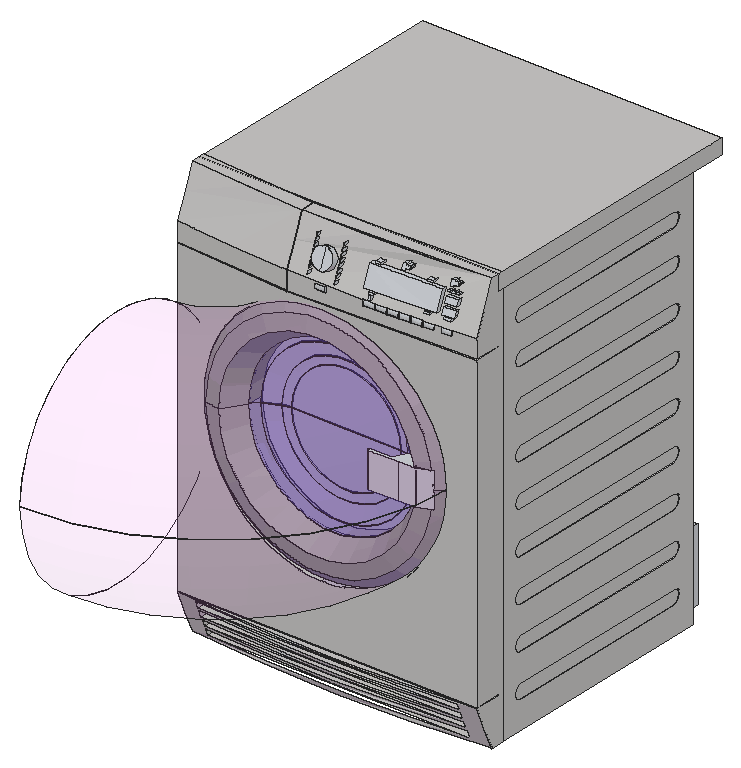
Revit family "QF_ELECTROLUXPROFESSIONAL_1L0A46_TE1120_E", category Attrezzature speciali, Revit 2021
Family settings
  Quota connettore circolare = Usa diametro
  Tipo di parte = Normale
  Basato su piano di lavoro = No
  Sempre verticale = Sì
  Taglio con vuoti quando caricato = No
  Condiviso = No
  Punto di calcolo locali = No
Parameters (values of type "916097681")
  Width = 596.5 mm
  Weight = 44
  Watts = 2800 W
  Volts = 230 V
  URL = "www.electroluxprofessional.com"
  Steam Pounds per Hour = 0
  Sensible Heat Output = "0.0"
  Prospetto di default = 0 mm
  Produttore = "Electrolux Professional"
  Phase = 1
  Modello = "TE1120"
  Length Actual = 596 mm
  Latent Heat Output = "0.0"
  Item Number = "1L0AEF"
  Height Actual = 850 mm
  Height = 850 mm
  Gas KW = 0
  Descrizione = "myPRO SMART PROFESSIONAL TUMBLE DRYER TE1120 8KG CONDENSE 230/50/1N 2,8KW SYMBOLS SCHUKO SST/DARK BLUE"
  Depth Actual = 625 mm
  Depth = 625 mm
  Cycle = 50 Hz
  Corrente [instance] = "12.2"
Types (8, lengths in mm): name | Watts | Volts | Item Number | Descrizione | Cycle | Corrente
  (no name) | 2800 W | 230 V | "1L0AEF" | "myPRO SMART PROFESSIONAL TUMBLE DRYER TE1120 8KG CONDENSE 230/50/1N 2,8KW SYMBOLS SCHUKO SST/DARK BLUE" | 50 Hz | "12.2"
  916097781 | 2200 W | 200 V | "1L0BJF" | "myPRO SMART PROFESSIONAL TUMBLE DRYER TE1120 8KG CONDENSE 200/60/1N 2,8KW JP SST/DARK BLUE" | 60 Hz | "4.78"
  916097782 | 2800 W | 230 V | "1L0BJG" | "myPRO SMART PROFESSIONAL TUMBLE DRYER TE1120 8KG CONDENSE 230/60/1N 2,8KW SYMBOLS SCHUKO SST/DARK BLUE" | 60 Hz | "12.2"
  916097778 | 2800 W | 230 V | "1L0BJC" | "myPRO SMART PROFESSIONAL TUMBLE DRYER TE1120 8KG CONDENSE 230-240/50/1N 2,8KW EN PLUG-AU SST/DARK BLUE" | 50 Hz | "12.2"
  916097621 | 2800 W | 230 V | "1L0AD7" | "myPRO SMART PROFESSIONAL TUMBLE DRYER TE1120 8KG CONDENSE 230/50/1N 2,8KW FR SCHUKO SST/DARK BLUE" | 50 Hz | "12.2"
  916097623 | 2800 W | 230 V | "1L0AD9" | "myPRO SMART PROFESSIONAL TUMBLE DRYER TE1120 8KG CONDENSE 230-240/50/1N 2,8KW EN PLUG-UK SST/DARK BLUE" | 50 Hz | "12.2"
  916097622 | 2800 W | 230 V | "1L0AD8" | "myPRO SMART PROFESSIONAL TUMBLE DRYER TE1120 8KG CONDENSE 230/50/1N 2,8KW DE SCHUKO SST/DARK BLUE" | 50 Hz | "12.2"
  916097681 | 2800 W | 230 V | "1L0AEF" | "myPRO SMART PROFESSIONAL TUMBLE DRYER TE1120 8KG CONDENSE 230/50/1N 2,8KW SYMBOLS SCHUKO SST/DARK BLUE" | 50 Hz | "12.2"
Reference planes
  plane 1 "Center (Front/Back)": y = 0
  plane 2: z = 0
  plane 3 "Center (Left/Right)": x = 0
  plane 4 "LEFT": x = -298.25
  plane 5 "RIGHT": x = 298.25
  plane 6 "BACK": y = 312.5
  plane 7 "FRONT": y = -312.5
  plane 8 "voidPanel": through (0, -279.09, 846.678) normal (0, -0.9308, 0.3656)
Forms (mm)
  Extrusion 1, void
    sketch origin (0, 0, 0) x (1, 0, 0) y (0, 1, 0)
      loop
        line (298.25, -312.5) -> (348.25, -312.5) -> (348.25, -207.1) -> (298.25, -207.1) -> (298.25, -312.5)
    from 0 to 850
  Extrusion 2, void
    sketch origin (0, 0, 0) x (1, 0, 0) y (0, 1, 0)
      loop
        line (-298.25, -312.5) -> (-298.25, -207.1) -> (-348.25, -207.1) -> (-348.25, -312.5) -> (-298.25, -312.5)
    from 0 to 850
  Revolve 3, solid, material "QF_Finishes_Stainless Steel"
    sketch origin (0, 0, 0) x (0, 1, 0) y (0, 0, 1)
      loop
        line (-274.523, 850) -> (-312.5, 758.7) -> (-312.5, 96.5) -> (-275.82, 10.099) -> (-247.797, 10.099) -> (-247.797, 850) -> (-274.523, 850)
      axis (2690.37, 850) -> (2690.37, 10.099)
    angle from -6 to 6
  Extrusion 4, solid, material "QF_Finishes_Stainless Steel"
    sketch origin (0, 0, 0) x (1, 0, 0) y (0, 1, 0)
      loop
        line (-298.25, 242.203) -> (-298.25, -242.62) -> (298.25, -242.62) -> (298.25, 242.203) -> (-298.25, 242.203)
    from 10 to 820
  Extrusion 5, solid, material "QF_Finishes_Stainless Steel"
    sketch origin (0, 0, 820) x (-1, 0, 0) y (0, -1, 0)
      loop
        line (298.25, -312.5) -> (298.25, 242.62)
        arc (298.25, 242.62) -> (0, 256.083) -> (-298.25, 242.62) r 3310.343
        line (-298.25, 242.62) -> (-298.25, -312.5) -> (298.25, -312.5)
    from 0 to 30
  Extrusion 6, void
    sketch origin (0, -312.5, 0) x (0, 0, 1) y (-1, 0, 0)
      loop
        circle (470, 0) r 242.757
    from 0 to -500.517
  Revolve 7, solid, material "QF_Finishes_Gray"
    sketch origin (0, 0, 470) x (-1, 0, 0) y (0, -1, 0)
      loop
        line (245.674, 247.797) -> (245.674, 301.649) -> (226.774, 315.823) -> (196.73, 322.467) -> (170.5, 280.146) -> (170.5, 247.797) -> (245.674, 247.797)
      axis (0, 247.797) -> (0, 322.467)
    angle from 0 to 360
  Revolve 8, solid, material "Glass"
    sketch origin (0, 0, 470) x (-1, 0, 0) y (0, -1, 0)
      loop
        line (156.034, 267.121) -> (125.785, 252.816)
        arc (125.785, 252.816) -> (117.42, 250.476) -> (108.77, 249.687) r 47.824
        line (108.77, 249.687) -> (0, 249.687) -> (0, 247.687) -> (108.77, 247.687)
        arc (108.77, 247.687) -> (117.82, 248.516) -> (126.57, 250.975) r 49.824
        line (126.57, 250.975) -> (156.889, 265.313)
        arc (156.889, 265.313) -> (164.396, 270.082) -> (170.5, 276.551) r 35.892
        line (170.5, 276.551) -> (170.5, 280.146)
        arc (170.5, 280.146) -> (164.222, 272.572) -> (156.034, 267.121) r 33.892
      axis (0, 247.687) -> (0, 280.146)
    angle from 0 to 360
  Extrusion 9, void
    sketch origin (0, 0, 470) x (-1, 0, 0) y (0, -1, 0)
      loop
        line (288.25, -232.203) -> (288.25, 237.797) -> (-288.25, 237.797) -> (-288.25, -232.203) -> (288.25, -232.203)
    from -434.1 to 332.6
  Extrusion 10, solid
    sketch origin (0, 0, 852.516) x (-1, 0, 0) y (0, -1, 0)
      loop
        line (-148.308, 321.998) -> (-106.952, 321.998)
        arc (-106.952, 321.998) -> (-103.946, 325.004) -> (-106.952, 328.01) r 3.006
        line (-106.952, 328.01) -> (-166.755, 328.01)
        arc (-166.755, 328.01) -> (-197.368, 324.932) -> (-226.757, 315.823) r 153.806
        line (-226.757, 315.823) -> (-196.713, 322.467) -> (-170.483, 280.146) -> (-148.308, 321.998)
    from -417.516 to -347.516
  Extrusion 11, void
    sketch origin (0, 0, 0) x (0, 1, 0) y (0, 0, 1)
      loop
        line (-186.583, 738.954) -> (193.417, 738.954)
        arc (193.417, 738.954) -> (208.417, 753.954) -> (193.417, 768.954) r 15
        line (193.417, 768.954) -> (-186.583, 768.954)
        arc (-186.583, 768.954) -> (-201.583, 753.954) -> (-186.583, 738.954) r 15
      loop
        line (-186.583, 659.854) -> (193.417, 659.854)
        arc (193.417, 659.854) -> (208.417, 674.854) -> (193.417, 689.854) r 15
        line (193.417, 689.854) -> (-186.583, 689.854)
        arc (-186.583, 689.854) -> (-201.583, 674.854) -> (-186.583, 659.854) r 15
      loop
        arc (193.417, 574.854) -> (208.417, 589.854) -> (193.417, 604.854) r 15
        line (193.417, 604.854) -> (-186.583, 604.854)
        arc (-186.583, 604.854) -> (-201.583, 589.854) -> (-186.583, 574.854) r 15
        line (-186.583, 574.854) -> (193.417, 574.854)
      loop
        arc (-186.583, 519.854) -> (-201.583, 504.854) -> (-186.583, 489.854) r 15
        line (-186.583, 489.854) -> (193.417, 489.854)
        arc (193.417, 489.854) -> (208.417, 504.854) -> (193.417, 519.854) r 15
        line (193.417, 519.854) -> (-186.583, 519.854)
      loop
        arc (-186.583, 434.854) -> (-201.583, 419.854) -> (-186.583, 404.854) r 15
        line (-186.583, 404.854) -> (193.417, 404.854)
        arc (193.417, 404.854) -> (208.417, 419.854) -> (193.417, 434.854) r 15
        line (193.417, 434.854) -> (-186.583, 434.854)
      loop
        line (-186.583, 319.854) -> (193.417, 319.854)
        arc (193.417, 319.854) -> (208.417, 334.854) -> (193.417, 349.854) r 15
        line (193.417, 349.854) -> (-186.583, 349.854)
        arc (-186.583, 349.854) -> (-201.583, 334.854) -> (-186.583, 319.854) r 15
      loop
        arc (-186.583, 264.854) -> (-201.583, 249.854) -> (-186.583, 234.854) r 15
        line (-186.583, 234.854) -> (193.417, 234.854)
        arc (193.417, 234.854) -> (208.417, 249.854) -> (193.417, 264.854) r 15
        line (193.417, 264.854) -> (-186.583, 264.854)
      loop
        arc (-186.583, 179.854) -> (-201.583, 164.854) -> (-186.583, 149.854) r 15
        line (-186.583, 149.854) -> (193.417, 149.854)
        arc (193.417, 149.854) -> (208.417, 164.854) -> (193.417, 179.854) r 15
        line (193.417, 179.854) -> (-186.583, 179.854)
      loop
        arc (-186.583, 94.854) -> (-201.583, 79.854) -> (-186.583, 64.854) r 15
        line (-186.583, 64.854) -> (193.417, 64.854)
        arc (193.417, 64.854) -> (208.417, 79.854) -> (193.417, 94.854) r 15
        line (193.417, 94.854) -> (-186.583, 94.854)
    from 295 to 298.25
  Extrusion 12, void
    sketch origin (-298.25, 0, 0) x (0, 0, 1) y (0, -1, 0)
      loop
        line (768.954, -193.417) -> (768.954, 186.583)
        arc (768.954, 186.583) -> (753.954, 201.583) -> (738.954, 186.583) r 15
        line (738.954, 186.583) -> (738.954, -193.417)
        arc (738.954, -193.417) -> (753.954, -208.417) -> (768.954, -193.417) r 15
      loop
        arc (659.854, -193.417) -> (674.854, -208.417) -> (689.854, -193.417) r 15
        line (689.854, -193.417) -> (689.854, 186.583)
        arc (689.854, 186.583) -> (674.854, 201.583) -> (659.854, 186.583) r 15
        line (659.854, 186.583) -> (659.854, -193.417)
      loop
        line (604.854, -193.417) -> (604.854, 186.583)
        arc (604.854, 186.583) -> (589.854, 201.583) -> (574.854, 186.583) r 15
        line (574.854, 186.583) -> (574.854, -193.417)
        arc (574.854, -193.417) -> (589.854, -208.417) -> (604.854, -193.417) r 15
      loop
        arc (489.854, -193.417) -> (504.854, -208.417) -> (519.854, -193.417) r 15
        line (519.854, -193.417) -> (519.854, 186.583)
        arc (519.854, 186.583) -> (504.854, 201.583) -> (489.854, 186.583) r 15
        line (489.854, 186.583) -> (489.854, -193.417)
      loop
        line (404.854, 186.583) -> (404.854, -193.417)
        arc (404.854, -193.417) -> (419.854, -208.417) -> (434.854, -193.417) r 15
        line (434.854, -193.417) -> (434.854, 186.583)
        arc (434.854, 186.583) -> (419.854, 201.583) -> (404.854, 186.583) r 15
      loop
        arc (319.854, -193.417) -> (334.854, -208.417) -> (349.854, -193.417) r 15
        line (349.854, -193.417) -> (349.854, 186.583)
        arc (349.854, 186.583) -> (334.854, 201.583) -> (319.854, 186.583) r 15
        line (319.854, 186.583) -> (319.854, -193.417)
      loop
        arc (264.854, 186.583) -> (249.854, 201.583) -> (234.854, 186.583) r 15
        line (234.854, 186.583) -> (234.854, -193.417)
        arc (234.854, -193.417) -> (249.854, -208.417) -> (264.854, -193.417) r 15
        line (264.854, -193.417) -> (264.854, 186.583)
      loop
        arc (149.854, -193.417) -> (164.854, -208.417) -> (179.854, -193.417) r 15
        line (179.854, -193.417) -> (179.854, 186.583)
        arc (179.854, 186.583) -> (164.854, 201.583) -> (149.854, 186.583) r 15
        line (149.854, 186.583) -> (149.854, -193.417)
      loop
        line (94.854, -193.417) -> (94.854, 186.583)
        arc (94.854, 186.583) -> (79.854, 201.583) -> (64.854, 186.583) r 15
        line (64.854, 186.583) -> (64.854, -193.417)
        arc (64.854, -193.417) -> (79.854, -208.417) -> (94.854, -193.417) r 15
    from 0 to 3.25
  Extrusion 13, solid
    sketch origin (0, 0, 0) x (1, 0, 0) y (0, 1, 0)
      loop
        circle (-263.25, 215.1) r 20
    from 2.599 to 10
  Extrusion 14, solid
    sketch origin (0, 0, 0) x (1, 0, 0) y (0, 1, 0)
      loop
        circle (-263.25, 215.1) r 11
    from 0 to 3
  Extrusion 15, solid
    sketch origin (0, 0, 0) x (1, 0, 0) y (0, 1, 0)
      loop
        circle (263.25, 215.1) r 20
    from 3 to 10
  Extrusion 16, solid
    sketch origin (0, 0, 0) x (1, 0, 0) y (0, 1, 0)
      loop
        circle (263.25, 215.1) r 11
    from 0 to 3
  Extrusion 17, solid
    sketch origin (0, 0, 0) x (1, 0, 0) y (0, 1, 0)
      loop
        circle (-263.25, -211.3) r 20
    from 3 to 10
  Extrusion 18, solid
    sketch origin (0, 0, 0) x (1, 0, 0) y (0, 1, 0)
      loop
        circle (-263.25, -211.3) r 11
    from 0 to 3
  Extrusion 19, solid
    sketch origin (0, 0, 0) x (1, 0, 0) y (0, 1, 0)
      loop
        circle (263.25, -211.3) r 20
    from 3 to 10
  Extrusion 20, solid
    sketch origin (0, 0, 0) x (1, 0, 0) y (0, 1, 0)
      loop
        circle (263.25, -211.3) r 11
    from 0 to 3
  Extrusion 21, solid
    sketch origin (66, 242.203, -35.6) x (0, 0, 1) y (1, 0, 0)
      loop
        circle (770.6, 175.06) r 5
    from 0 to 10
  Revolve 22, solid
    sketch origin (0, 0, 0) x (0, 1, 0) y (0, 0, 1)
      loop
        line (-291.663, 811.912) -> (-293.12, 812.457) -> (-291.348, 817.196) -> (-301.951, 821.16) -> (-309.078, 802.099) -> (-297.096, 797.379) -> (-291.663, 811.912)
      axis (-309.408, 802.229) -> (-297.096, 797.379)
    angle from 0 to 360
  Revolve 23, void
    sketch origin (-230.316, 19.843, 0) x (-0.085839, -0.996309, 0) y (0, 0, 1)
      loop
        arc (300.921, 759.87) -> (305.932, 740.04) -> (319.761, 724.969) r 41.748
        line (319.761, 724.969) -> (319.761, 759.87) -> (300.921, 759.87)
      axis (-2683.13, 759.87) -> (-2683.13, 724.969)
    angle from 0 to 2.65
  Extrusion 24, void
    sketch origin (0, -312.5, 0) x (0, 0, 1) y (-1, 0, 0)
      loop
        line (756.024, 11.1) -> (744.024, 11.1) -> (744.024, -11.9) -> (756.024, -11.9) -> (756.024, 11.1)
    from -2 to 2
  Extrusion 25, void
    sketch origin (0, -312.5, 0) x (0, 0, 1) y (-1, 0, 0)
      loop
        line (747.324, -82.491) -> (747.324, -105.291) -> (759.324, -105.291) -> (759.324, -82.491) -> (747.324, -82.491)
    from -4.2 to 3
  Extrusion 26, void
    sketch origin (0, -312.5, 0) x (0, 0, 1) y (-1, 0, 0)
      loop
        line (747.324, -105.691) -> (747.324, -128.291) -> (759.324, -128.291) -> (759.324, -105.691) -> (747.324, -105.691)
    from -5 to 3
  Extrusion 27, void
    sketch origin (0, -312.5, 0) x (0, 0, 1) y (-1, 0, 0)
      loop
        line (747.324, -128.691) -> (747.324, -151.291) -> (759.324, -151.291) -> (759.324, -128.691) -> (747.324, -128.691)
    from -6 to 3
  Extrusion 28, void
    sketch origin (0, -312.5, 0) x (0, 0, 1) y (-1, 0, 0)
      loop
        line (747.324, -151.691) -> (747.324, -174.291) -> (759.324, -174.291) -> (759.324, -151.691) -> (747.324, -151.691)
    from -7 to 3
  Extrusion 29, void
    sketch origin (0, -312.5, 0) x (0, 0, 1) y (-1, 0, 0)
      loop
        line (759.324, -174.691) -> (747.324, -174.691) -> (747.324, -197.291) -> (759.324, -197.291) -> (759.324, -174.691)
    from -8 to 3
  Extrusion 30, void
    sketch origin (0, -312.5, 0) x (0, 0, 1) y (-1, 0, 0)
      loop
        line (759.324, -197.691) -> (747.324, -197.691) -> (747.324, -220.291) -> (759.324, -220.291) -> (759.324, -197.691)
    from -10 to 3
  Extrusion 31, void
    sketch origin (0, -312.5, 0) x (0, 0, 1) y (-1, 0, 0)
      loop
        line (759.324, -231.191) -> (747.324, -231.191) -> (747.324, -253.791) -> (759.324, -253.791) -> (759.324, -231.191)
    from -12 to 3
  Revolve 32, solid
    sketch origin (0, 0, 3.3) x (0, 1, 0) y (0, 0, 1)
      loop
        arc (-313.722, 755.444) -> (-316.107, 750.198) -> (-315.269, 744.497) r 10.199
        line (-315.269, 744.497) -> (-311.5, 744.497) -> (-311.5, 755.444) -> (-313.722, 755.444)
      axis (2690.37, 755.444) -> (2690.37, 744.497)
    angle from -0.2 to 0.2
  Revolve 33, solid
    sketch origin (225.331, 18.987, 3.3) x (-0.083967, 0.996469, 0) y (0, 0, 1)
      loop
        line (-322.415, 744.497) -> (-318.664, 744.497) -> (-318.664, 755.444) -> (-320.867, 755.444)
        arc (-320.867, 755.444) -> (-323.262, 750.2) -> (-322.415, 744.497) r 10.15
      axis (2683.559, 755.444) -> (2683.559, 744.497)
    angle from 0.39 to 0
  Revolve 34, solid
    sketch origin (175.309, 11.964, 2.773) x (-0.065247, 0.997869, 0) y (0, 0, 1)
      loop
        arc (-316.803, 755.966) -> (-319.198, 750.722) -> (-318.35, 745.019) r 10.15
        line (-318.35, 745.019) -> (-314.581, 745.019) -> (-314.581, 755.966) -> (-316.803, 755.966)
      axis (2687.331, 755.966) -> (2687.331, 745.019)
    angle from 0 to 0.39
  Revolve 35, solid
    sketch origin (154.929, 8.943, 3.3) x (0.057625, -0.998338, 0) y (0, 0, 1)
      loop
        line (314.383, 755.444) -> (312.161, 755.444) -> (312.161, 744.497) -> (315.93, 744.497)
        arc (315.93, 744.497) -> (316.778, 750.2) -> (314.383, 755.444) r 10.15
      axis (-2688.595, 755.444) -> (-2688.595, 744.497)
    angle from 0 to -0.39
  Revolve 36, solid
    sketch origin (114.028, 4.837, 3.3) x (-0.042379, 0.999102, 0) y (0, 0, 1)
      loop
        arc (-312.044, 755.444) -> (-314.439, 750.2) -> (-313.591, 744.497) r 10.15
        line (-313.591, 744.497) -> (-309.822, 744.497) -> (-309.822, 755.444) -> (-312.044, 755.444)
      axis (2690.65, 755.444) -> (2690.65, 744.497)
    angle from 0 to 0.39
  Revolve 37, solid
    sketch origin (93.547, 3.253, 3.3) x (0.034757, -0.999396, 0) y (0, 0, 1)
      loop
        line (310.993, 755.444) -> (308.772, 755.444) -> (308.772, 744.497) -> (312.541, 744.497)
        arc (312.541, 744.497) -> (313.388, 750.2) -> (310.993, 755.444) r 10.15
      axis (-2691.442, 755.444) -> (-2691.442, 744.497)
    angle from 0 to -0.39
  Revolve 38, solid
    sketch origin (195.713, 14.299, 3.236) x (-0.072866, 0.997342, 0) y (0, 0, 1)
      loop
        line (-314.873, 744.555) -> (-314.873, 755.526) -> (-317.167, 755.526)
        arc (-317.167, 755.526) -> (-319.568, 750.27) -> (-318.708, 744.555) r 10.141
        line (-318.708, 744.555) -> (-314.873, 744.555)
      axis (2685.911, 755.526) -> (2685.911, 744.555)
    angle from 0 to 0.39
  Revolve 39, solid
    sketch origin (134.491, 6.733, 3.3) x (-0.050002, 0.998749, 0) y (0, 0, 1)
      loop
        line (-314.545, 744.497) -> (-310.794, 744.497) -> (-310.794, 755.444) -> (-312.997, 755.444)
        arc (-312.997, 755.444) -> (-315.392, 750.2) -> (-314.545, 744.497) r 10.15
      axis (2689.701, 755.444) -> (2689.701, 744.497)
    angle from 0 to 0.39
  Extrusion 40, void
    sketch origin (-298.25, 0, 0) x (0, 0, 1) y (0, -1, 0)
      loop
        line (850, 243.476) -> (850, 327.13) -> (718.7, 327.13) -> (718.7, 243.476) -> (850, 243.476)
    from 229 to 231.5
  Extrusion 41, void
    sketch origin (298.25, 0, 0) x (0, 0, 1) y (0, -1, 0)
      loop
        line (722, 242.62) -> (722, 333.453) -> (719.5, 333.453) -> (719.5, 242.62) -> (722, 242.62)
    from -600 to 3
  Extrusion 42, void
    sketch origin (298.25, 0, 0) x (0, 0, 1) y (0, -1, 0)
      loop
        line (96.5, 322.797) -> (96.5, 242.62) -> (99, 242.62) -> (99, 322.797) -> (96.5, 322.797)
    from -600 to 3
  Extrusion 43, solid
    sketch origin (0, -312.5, 0) x (0, 0, 1) y (-1, 0, 0)
      loop
        line (830.108, -26.248) -> (825.608, -26.248) -> (825.608, -27.748) -> (830.108, -27.748) -> (830.108, -26.248)
      loop
        line (821.758, -26.248) -> (817.258, -26.248) -> (817.258, -27.748) -> (821.758, -27.748) -> (821.758, -26.248)
      loop
        line (813.408, -26.248) -> (808.908, -26.248) -> (808.908, -27.748) -> (813.408, -27.748) -> (813.408, -26.248)
      loop
        line (805.058, -26.248) -> (800.558, -26.248) -> (800.558, -27.748) -> (805.058, -27.748) -> (805.058, -26.248)
      loop
        line (792.208, -26.248) -> (792.208, -27.748) -> (796.7, -27.748) -> (796.7, -26.248) -> (792.208, -26.248)
      loop
        line (783.858, -26.248) -> (783.858, -27.748) -> (788.358, -27.748) -> (788.358, -26.248) -> (783.858, -26.248)
      loop
        line (775.508, -26.248) -> (775.508, -27.748) -> (780.008, -27.748) -> (780.008, -26.248) -> (775.508, -26.248)
      loop
        line (767.158, -26.248) -> (767.158, -27.748) -> (771.658, -27.748) -> (771.658, -26.248) -> (767.158, -26.248)
      loop
        line (825.608, 27.752) -> (825.608, 26.252) -> (830.108, 26.252) -> (830.108, 27.752) -> (825.608, 27.752)
      loop
        line (817.258, 27.752) -> (817.258, 26.252) -> (821.758, 26.252) -> (821.758, 27.752) -> (817.258, 27.752)
      loop
        line (808.908, 27.752) -> (808.908, 26.252) -> (813.408, 26.252) -> (813.408, 27.752) -> (808.908, 27.752)
      loop
        line (800.558, 27.752) -> (800.558, 26.252) -> (805.058, 26.252) -> (805.058, 27.752) -> (800.558, 27.752)
      loop
        line (792.208, 27.752) -> (792.208, 26.252) -> (796.7, 26.252) -> (796.7, 27.752) -> (792.208, 27.752)
      loop
        line (783.858, 27.752) -> (783.858, 26.252) -> (788.358, 26.252) -> (788.358, 27.752) -> (783.858, 27.752)
      loop
        line (775.508, 27.752) -> (775.508, 26.252) -> (780.008, 26.252) -> (780.008, 27.752) -> (775.508, 27.752)
      loop
        line (767.158, 27.752) -> (767.158, 26.252) -> (771.658, 26.252) -> (771.658, 27.752) -> (767.158, 27.752)
      loop
        line (819.143, -91.989) -> (819.143, -101.989) -> (822.143, -101.989) -> (822.143, -91.989) -> (819.143, -91.989)
      loop
        line (772.15, -91.989) -> (772.15, -101.989) -> (775.15, -101.989) -> (775.15, -91.989) -> (772.15, -91.989)
      loop
        line (762.775, -93.928) -> (762.775, -97.928) -> (769.475, -97.928) -> (769.475, -93.928) -> (762.775, -93.928)
      loop
        line (819.143, -191.861) -> (819.143, -201.861) -> (822.143, -201.861) -> (822.143, -191.861) -> (819.143, -191.861)
      loop
        line (772.15, -198.861) -> (772.15, -208.861) -> (775.15, -208.861) -> (775.15, -198.861) -> (772.15, -198.861)
      loop
        line (814.446, -230.991) -> (814.446, -237.491) -> (816.946, -237.491) -> (816.946, -230.991) -> (814.446, -230.991)
      loop
        line (816.946, -239.241) -> (814.446, -239.241) -> (814.446, -245.741) -> (816.946, -245.741) -> (816.946, -239.241)
      loop
        line (816.946, -247.491) -> (814.446, -247.491) -> (814.446, -253.991) -> (816.946, -253.991) -> (816.946, -247.491)
      loop
        line (808.046, -230.991) -> (796.046, -230.991) -> (796.046, -253.991) -> (808.046, -253.991) -> (808.046, -230.991)
      loop
        line (791.046, -230.991) -> (779.046, -230.991) -> (779.046, -253.991) -> (791.046, -253.991) -> (791.046, -230.991)
      loop
        line (773.046, -235.991) -> (773.046, -248.991) -> (776.546, -248.991) -> (776.546, -235.991) -> (773.046, -235.991)
      loop
        line (815.845, -81.665) -> (778.345, -81.665) -> (778.345, -221.665) -> (815.845, -221.665) -> (815.845, -81.665)
      loop
        line (823.434, -141.668) -> (823.434, -148.168) -> (825.186, -148.168)
        arc (825.186, -148.168) -> (825.862, -148.43) -> (826.186, -149.079) r 1.004
        line (826.186, -149.079) -> (826.761, -155.285)
        arc (826.761, -155.285) -> (827.085, -155.934) -> (827.761, -156.196) r 1.004
        line (827.761, -156.196) -> (830.526, -156.196)
        arc (830.526, -156.196) -> (831.202, -155.934) -> (831.526, -155.285) r 1.004
        line (831.526, -155.285) -> (832.101, -149.079)
        arc (832.101, -149.079) -> (832.559, -148.326) -> (833.434, -148.224) r 1.004
        line (833.434, -148.224) -> (833.434, -141.668) -> (823.434, -141.668)
      loop
        line (823.434, -233.563) -> (823.434, -240.063) -> (825.186, -240.063)
        arc (825.186, -240.063) -> (825.862, -240.325) -> (826.186, -240.974) r 1.004
        line (826.186, -240.974) -> (826.761, -247.18)
        arc (826.761, -247.18) -> (827.085, -247.829) -> (827.761, -248.091) r 1.004
        line (827.761, -248.091) -> (830.526, -248.091)
        arc (830.526, -248.091) -> (831.202, -247.829) -> (831.526, -247.18) r 1.004
        line (831.526, -247.18) -> (832.101, -240.974)
        arc (832.101, -240.974) -> (832.559, -240.222) -> (833.434, -240.12) r 1.004
        line (833.434, -240.12) -> (833.434, -233.563) -> (823.434, -233.563)
    from -45.246 to 6
  Revolve 44, void
    sketch origin (0, 0, 0) x (0, 1, 0) y (0, 0, 1)
      loop
        line (-316.301, 758.952) -> (-278.984, 853.952) -> (-329.707, 853.952) -> (-329.707, 758.952) -> (-316.301, 758.952)
      axis (2690.37, 853.952) -> (2690.37, 758.952)
    angle from 1 to -6
  Revolve 45, void
    sketch origin (0, 0, 0) x (0, 1, 0) y (0, 0, 1)
      loop
        line (-273.427, 839.015) -> (-303.994, 761.2) -> (-262.303, 761.2) -> (-262.303, 839.015) -> (-273.427, 839.015)
      axis (2690.37, 839.015) -> (2690.37, 761.2)
    angle from 1 to -5
  Revolve 46, solid, material "QF_Door-Drawer Clearances"
    sketch origin (0, -271.25, 0) x (-1, 0, 0) y (0, 0, 1)
      loop
        circle (-1.368, 470) r 244.125
      axis (242.774, 470) -> (242.774, 469)
    angle from 0 to 90
  Extrusion 47, void
    sketch origin (0, -312.5, 0) x (0, 0, 1) y (-1, 0, 0)
      loop
        line (94, 260.75) -> (80, 260.75) -> (80, -261.25) -> (94, -261.25) -> (94, 260.75)
      loop
        line (74, 260.75) -> (60, 260.75) -> (60, -261.25) -> (74, -261.25) -> (74, 260.75)
      loop
        line (54, 260.75) -> (40, 260.75) -> (40, -261.25) -> (54, -261.25) -> (54, 260.75)
      loop
        line (34, 260.75) -> (20, 260.75) -> (20, -261.25) -> (34, -261.25) -> (34, 260.75)
    from -91.438 to 3
  Extrusion 48, solid
    sketch origin (0, 242.203, 0) x (0, 0, 1) y (1, 0, 0)
      loop
        line (278.63, -252.495) -> (389.816, -207.414) -> (460.2, -240.618)
        arc (460.2, -240.618) -> (584.111, -257.767) -> (695.694, -201.223) r 209.429
        arc (695.694, -201.223) -> (784.615, -65.119) -> (777.879, 97.319) r 266.4
        arc (777.879, 97.319) -> (678.38, 225.893) -> (522.686, 272.699) r 266.4
        arc (522.686, 272.699) -> (400.917, 244.057) -> (317.197, 151.111) r 209.429
        line (317.197, 151.111) -> (284.759, 80.371) -> (165.518, 32.025) -> (47.549, 32.025) -> (47.549, -15.806) -> (10, -15.806) -> (10, -252.495) -> (278.63, -252.495)
    from 0 to 15
  Blend 49, solid
    base sketch origin (0, 242.203, 0) x (0, 0, 1) y (1, 0, 0)
      loop
        line (289.712, 68.155) -> (174.986, 21.639) -> (10, 21.639) -> (10, -235.481) -> (278.63, -235.481) -> (384.922, -192.385) -> (501.616, -199.666)
        arc (501.616, -199.666) -> (704.606, 72.534) -> (373.752, 148.911) r 202.765
        line (373.752, 148.911) -> (289.712, 68.155)
    top sketch origin (0, 242.203, 0) x (0, 0, 1) y (1, 0, 0)
      loop
        line (425.069, 116.303) -> (307.228, 24.954) -> (208.47, -15.088) -> (10, -15.088) -> (10, -202.083) -> (165.518, -202.083) -> (278.63, -188.128) -> (371.298, -150.555) -> (518.478, -141.65)
        arc (518.478, -141.65) -> (650.033, 51.877) -> (425.069, 116.303) r 144.418
    from 15 to 55
  Extrusion 50, solid
    sketch origin (0, 242.203, 0) x (0, 0, 1) y (1, 0, 0)
      loop
        line (10, 263.25) -> (10, 21.639) -> (47.549, 21.639) -> (47.549, 129.16) -> (133.248, 129.16) -> (154.843, 248.035) -> (154.843, 263.25) -> (10, 263.25)
    from 0 to 55
  Extrusion 51, solid
    sketch origin (0, 242.203, 0) x (0, 0, 1) y (1, 0, 0)
      loop
        circle (688, -254.25) r 6.35
    from 0 to 3
  Extrusion 52, solid
    sketch origin (0, 242.203, 0) x (0, 0, 1) y (1, 0, 0)
      loop
        circle (779, -209.25) r 6.35
    from 0 to 3
  Extrusion 53, void
    sketch origin (0, 312.5, 0) x (0, 0, 1) y (-1, 0, 0)
      loop
        line (10, 15.088) -> (45, 15.088) -> (45, 55.088) -> (10, 55.088) -> (10, 15.088)
    from 15.297 to 35.3
  Extrusion 54, solid
    sketch origin (-2.359, 312.5, -1) x (0, 0, 1) y (-1, 0, 0)
      loop
        circle (28.5, 33.088) r 12.7
    from 15.3 to 35.3
Cuts and joins
  Extrusion 9, Extrusion 11, Extrusion 12, Revolve 23, Extrusion 41, Extrusion 42 cuts Extrusion 4
  Extrusion 1, Extrusion 2, Extrusion 6, Revolve 23, Extrusion 24, Extrusion 25, Extrusion 26, Extrusion 27, Extrusion 28, Extrusion 29, Extrusion 30, Extrusion 31, Extrusion 40, Extrusion 41, Extrusion 42, Revolve 45, Extrusion 47 cuts Revolve 3
  Revolve 44, Revolve 45 cuts Extrusion 43
  Extrusion 53 cuts Blend 49
Lines and regions (mm)
  model lines
    curve 1: line (253.366, -313.716, 0) -> (253.669, -317.455, 0)
  symbolic lines, style "QF_Door-Drawer Clearances"
    curve 2: line (-242.774, -758.898, 744.475) -> (-242.774, -271.25, 744.475)
    curve 3: line (-242.774, -759.517, 744.475) -> (-239.774, -759.517, 744.475)
    curve 4: arc (-242.774, -759.517, 744.475) -> (91.088, -627.537, 744.475) -> (244.463, -302.947, 744.475) r 488.267
Dimensions and locks
  equal spacing: plane 5 "RIGHT", plane 3 "Center (Left/Right)", plane 4 "LEFT"
  "Width": plane 5 "RIGHT" to plane 4 "LEFT"
  equal spacing: plane 7 "FRONT", plane 1 "Center (Front/Back)", plane 6 "BACK"
  "Depth": plane 7 "FRONT" to plane 6 "BACK"
  plane 7 "FRONT" to plane 6 "BACK" = 625 mm
  curve 3 to plane 6 "BACK" = 1072.017 mm
  cut or joined group 1 (Extrusion 1, Extrusion 2, Revolve 3, Extrusion 6, Revolve 23, Extrusion 24, Extrusion 25, Extrusion 26, Extrusion 27, Extrusion 28, Extrusion 29, Extrusion 30, Extrusion 31, Extrusion 40, Extrusion 41, Extrusion 42, Revolve 45, Extrusion 47) to cut or joined group 1 = 128 mm
  cut or joined group 1 to cut or joined group 1 = 711.901 mm
  cut or joined group 1 to level = 850 mm
  aligned and locked: level to plane 2
Automatic sketch dimensions
  Extrusion 1 sketch curve to plane 5 "RIGHT" = 0 mm
  plane 7 "FRONT" to Extrusion 1 sketch curve = 0 mm
  Extrusion 1 sketch curve to Extrusion 1 sketch curve = 50 mm
  plane 7 "FRONT" to Extrusion 2 sketch curve = 0 mm
  Extrusion 2 sketch curve to plane 4 "LEFT" = 0 mm
  Extrusion 2 sketch curve to Extrusion 2 sketch curve = 50 mm
  Extrusion 4 sketch curve to plane 4 "LEFT" = 0 mm
  Extrusion 4 sketch curve to plane 5 "RIGHT" = 0 mm
  Extrusion 6 sketch curve to plane 3 "Center (Left/Right)" = 0 mm
  Revolve 7 sketch curve to plane 3 "Center (Left/Right)" = 0 mm
  plane 7 "FRONT" to Revolve 7 sketch curve = 3.323 mm
  Revolve 7 sketch curve to Revolve 7 sketch curve = 32.349 mm
  Revolve 7 sketch curve to plane 7 "FRONT" = 10.851 mm
  plane 7 "FRONT" to Revolve 7 sketch curve = 9.967 mm
  Revolve 7 sketch curve to plane 6 "BACK" = 1134.072 mm
  plane 7 "FRONT" to Revolve 7 sketch curve = 1124.917 mm
  Revolve 8 sketch curve to Revolve 8 sketch curve = 0 mm  (x5)
  Revolve 8 sketch curve to plane 3 "Center (Left/Right)" = 0 mm  (x2)
  Revolve 8 sketch curve to Revolve 8 sketch curve = 0.785 mm
  Revolve 8 sketch curve to Revolve 8 sketch curve = 0.855 mm
  Revolve 8 sketch curve to Revolve 8 sketch curve = 14.466 mm
  Revolve 8 sketch curve to Revolve 8 sketch curve = 1.288 mm
  Revolve 8 sketch curve to Revolve 8 sketch curve = 1.808 mm
  Revolve 8 sketch curve to Revolve 8 sketch curve = 9.43 mm
  Revolve 8 sketch curve to plane 6 "BACK" = 1134.072 mm
  plane 7 "FRONT" to Revolve 8 sketch curve = 1124.917 mm
  plane 7 "FRONT" to Extrusion 10 sketch curve = 3.323 mm
  plane 7 "FRONT" to Extrusion 10 sketch curve = 9.967 mm
  plane 7 "FRONT" to Extrusion 10 sketch curve = 9.498 mm
  Extrusion 10 sketch curve to Extrusion 10 sketch curve = 18.446 mm
  Extrusion 10 sketch curve to Extrusion 10 sketch curve = 41.357 mm
  Extrusion 11 sketch curve to Extrusion 11 sketch curve = 15 mm  (x9)
  Extrusion 11 sketch curve to Extrusion 11 sketch curve = 55 mm  (x7)
  Extrusion 12 sketch curve to Extrusion 12 sketch curve = 55 mm  (x7)
  Extrusion 12 sketch curve to Extrusion 12 sketch curve = 15 mm  (x9)
  Revolve 22 sketch curve to plane 7 "FRONT" = 3.422 mm
  Revolve 22 sketch curve to plane 7 "FRONT" = 10.549 mm
  Revolve 22 sketch curve to Revolve 22 sketch curve = 11.981 mm
  Revolve 22 sketch curve to Revolve 22 sketch curve = 8.831 mm
  Revolve 22 sketch curve to Revolve 22 sketch curve = 1.772 mm
  Revolve 22 sketch curve to Revolve 22 sketch curve = 0 mm  (x4)
  Revolve 23 sketch curve to Revolve 23 sketch curve = 18.839 mm
  Revolve 23 sketch curve to Revolve 23 sketch curve = 22.908 mm
  Revolve 23 sketch curve to Revolve 23 sketch curve = 2984.051 mm
  plane 3 "Center (Left/Right)" to Extrusion 24 sketch curve = 11.9 mm
  Extrusion 24 sketch curve to plane 3 "Center (Left/Right)" = 11.1 mm
  Extrusion 25 sketch curve to Extrusion 25 sketch curve = 22.8 mm
  Extrusion 26 sketch curve to Extrusion 26 sketch curve = 22.6 mm
  Extrusion 27 sketch curve to Extrusion 27 sketch curve = 22.6 mm
  Extrusion 28 sketch curve to Extrusion 28 sketch curve = 22.6 mm
  Extrusion 30 sketch curve to Extrusion 30 sketch curve = 22.6 mm
  Revolve 32 sketch curve to plane 7 "FRONT" = 6.491 mm
  Revolve 32 sketch curve to plane 7 "FRONT" = 1 mm
  plane 7 "FRONT" to Revolve 32 sketch curve = 1.222 mm
  plane 7 "FRONT" to Revolve 32 sketch curve = 2.769 mm
  Revolve 33 sketch curve to Revolve 33 sketch curve = 1.547 mm
  Revolve 33 sketch curve to Revolve 33 sketch curve = 2.203 mm
  Revolve 33 sketch curve to Revolve 33 sketch curve = 2996.771 mm
  Revolve 34 sketch curve to Revolve 34 sketch curve = 1.547 mm
  Revolve 34 sketch curve to Revolve 34 sketch curve = 3.769 mm
  Revolve 34 sketch curve to Revolve 34 sketch curve = 2996.479 mm
  Revolve 35 sketch curve to Revolve 35 sketch curve = 5.433 mm
  Revolve 35 sketch curve to Revolve 35 sketch curve = 2.222 mm
  Revolve 35 sketch curve to Revolve 35 sketch curve = 3.769 mm
  Revolve 35 sketch curve to Revolve 35 sketch curve = 2995.322 mm
  Revolve 36 sketch curve to Revolve 36 sketch curve = 1.548 mm
  Revolve 36 sketch curve to Revolve 36 sketch curve = 3.769 mm
  Revolve 36 sketch curve to Revolve 36 sketch curve = 2995.039 mm
  Revolve 37 sketch curve to Revolve 37 sketch curve = 5.433 mm
  Revolve 37 sketch curve to Revolve 37 sketch curve = 2.222 mm
  Revolve 37 sketch curve to Revolve 37 sketch curve = 3.769 mm
  Revolve 37 sketch curve to Revolve 37 sketch curve = 2994.781 mm
  Revolve 38 sketch curve to Revolve 38 sketch curve = 1.541 mm
  Revolve 38 sketch curve to Revolve 38 sketch curve = 3.835 mm
  Revolve 38 sketch curve to Revolve 38 sketch curve = 2995.436 mm
  Revolve 39 sketch curve to Revolve 39 sketch curve = 1.547 mm
  Revolve 39 sketch curve to Revolve 39 sketch curve = 2.203 mm
  Revolve 39 sketch curve to Revolve 39 sketch curve = 2995.043 mm
  plane 7 "FRONT" to Extrusion 40 sketch curve = 14.63 mm
  Extrusion 41 sketch curve to Extrusion 41 sketch curve = 2.5 mm
  plane 7 "FRONT" to Extrusion 41 sketch curve = 20.953 mm
  Extrusion 42 sketch curve to Extrusion 42 sketch curve = 2.5 mm
  plane 7 "FRONT" to Extrusion 42 sketch curve = 10.297 mm
  Extrusion 43 sketch curve to Extrusion 43 sketch curve = 5 mm  (x3)
  Extrusion 43 sketch curve to Extrusion 43 sketch curve = 3.85 mm  (x12)
  Extrusion 43 sketch curve to Extrusion 43 sketch curve = 4.5 mm  (x14)
  Extrusion 43 sketch curve to Extrusion 43 sketch curve = 2.5 mm  (x4)
  Extrusion 43 sketch curve to Extrusion 43 sketch curve = 6.7 mm
  Extrusion 43 sketch curve to Extrusion 43 sketch curve = 3.858 mm  (x2)
  Extrusion 43 sketch curve to Extrusion 43 sketch curve = 0 mm  (x17)
  Extrusion 43 sketch curve to Extrusion 43 sketch curve = 3 mm  (x4)
  Extrusion 43 sketch curve to Extrusion 43 sketch curve = 1.752 mm  (x2)
  Extrusion 43 sketch curve to Extrusion 43 sketch curve = 1 mm  (x8)
  Extrusion 43 sketch curve to Extrusion 43 sketch curve = 0.576 mm  (x2)
  Extrusion 43 sketch curve to Extrusion 43 sketch curve = 2.765 mm  (x2)
  Extrusion 43 sketch curve to Extrusion 43 sketch curve = 5.916 mm  (x2)
  Extrusion 43 sketch curve to Extrusion 43 sketch curve = 0.333 mm  (x2)
  Extrusion 43 sketch curve to Extrusion 43 sketch curve = 0.911 mm  (x4)
  Extrusion 43 sketch curve to Extrusion 43 sketch curve = 6.5 mm  (x3)
  Extrusion 43 sketch curve to Extrusion 43 sketch curve = 1.75 mm  (x2)
  Extrusion 43 sketch curve to Extrusion 43 sketch curve = 6.113 mm  (x4)
  Extrusion 43 sketch curve to Extrusion 43 sketch curve = 0.093 mm  (x4)
  Extrusion 43 sketch curve to Extrusion 43 sketch curve = 13 mm
  Extrusion 43 sketch curve to Extrusion 43 sketch curve = 6.557 mm  (x2)
  Extrusion 43 sketch curve to Extrusion 43 sketch curve = 9.327 mm
  Extrusion 43 sketch curve to Extrusion 43 sketch curve = 12.804 mm
  Extrusion 43 sketch curve to Extrusion 43 sketch curve = 19.804 mm
  Extrusion 43 sketch curve to Extrusion 43 sketch curve = 10 mm  (x3)
  Extrusion 43 sketch curve to Extrusion 43 sketch curve = 39.679 mm  (x2)
  Extrusion 43 sketch curve to Extrusion 43 sketch curve = 4.061 mm
  Extrusion 43 sketch curve to Extrusion 43 sketch curve = 4 mm
  Extrusion 43 sketch curve to Extrusion 43 sketch curve = 1.939 mm
  Extrusion 43 sketch curve to Extrusion 43 sketch curve = 10.324 mm
  plane 3 "Center (Left/Right)" to Extrusion 43 sketch curve = 27.748 mm  (x2)
  Extrusion 43 sketch curve to Extrusion 43 sketch curve = 1.5 mm  (x16)
  Extrusion 43 sketch curve to plane 3 "Center (Left/Right)" = 26.252 mm  (x2)
  plane 7 "FRONT" to Revolve 44 sketch curve = 3.801 mm
  Revolve 44 sketch curve to Revolve 44 sketch curve = 13.406 mm
  Revolve 45 sketch curve to Revolve 45 sketch curve = 11.124 mm
  Revolve 45 sketch curve to plane 7 "FRONT" = 8.506 mm
  Revolve 45 sketch curve to level = 337.362 mm
  plane 3 "Center (Left/Right)" to Revolve 46 sketch curve = 1.368 mm
  Revolve 3 sketch curve to plane 7 "FRONT" = 0 mm
  Revolve 3 sketch curve to level = 337.362 mm
  Revolve 22 sketch curve to Revolve 22 sketch curve = 1.457 mm
  Revolve 22 sketch curve to Revolve 22 sketch curve = 4.72 mm
  Revolve 22 sketch curve to Revolve 22 sketch curve = 14.533 mm
  Revolve 22 sketch curve to Revolve 22 sketch curve = 4.739 mm
  Revolve 33 sketch curve to Revolve 33 sketch curve = 5.452 mm
  Revolve 34 sketch curve to Revolve 34 sketch curve = 5.433 mm
  Revolve 36 sketch curve to Revolve 36 sketch curve = 5.433 mm
  Revolve 38 sketch curve to Revolve 38 sketch curve = 5.348 mm
  Revolve 39 sketch curve to Revolve 39 sketch curve = 5.452 mm
  Extrusion 43 sketch curve to Extrusion 43 sketch curve = 2.675 mm
  Extrusion 43 sketch curve to Extrusion 43 sketch curve = 0.896 mm
  Extrusion 43 sketch curve to Extrusion 43 sketch curve = 3.5 mm
  Extrusion 43 sketch curve to Extrusion 43 sketch curve = 3.195 mm
  Extrusion 43 sketch curve to Extrusion 43 sketch curve = 12 mm  (x2)
  Extrusion 43 sketch curve to Extrusion 43 sketch curve = 4.492 mm  (x2)
  Extrusion 43 sketch curve to Extrusion 43 sketch curve = 6.4 mm  (x2)
  Extrusion 43 sketch curve to Extrusion 43 sketch curve = 1.399 mm
  Extrusion 43 sketch curve to Extrusion 43 sketch curve = 3.299 mm  (x2)
  Extrusion 43 sketch curve to Extrusion 43 sketch curve = 1.291 mm
  Extrusion 43 sketch curve to Extrusion 43 sketch curve = 6.488 mm
  Revolve 44 sketch curve to Revolve 44 sketch curve = 95 mm
  Revolve 45 sketch curve to Revolve 45 sketch curve = 77.816 mm
  Extrusion 5 sketch curve to plane 5 "RIGHT" = 0 mm
  Extrusion 5 sketch curve to plane 3 "Center (Left/Right)" = 0 mm
  Extrusion 5 sketch curve to plane 4 "LEFT" = 0 mm
  plane 6 "BACK" to Extrusion 5 sketch curve = 0 mm
  Extrusion 31 sketch curve to Extrusion 31 sketch curve = 22.6 mm
  plane 7 "FRONT" to curve 2 = 446.398 mm
  Extrusion 47 sketch curve to Extrusion 47 sketch curve = 14 mm  (x4)
  Extrusion 47 sketch curve to Extrusion 47 sketch curve = 6 mm  (x3)
  plane 3 "Center (Left/Right)" to Extrusion 48 sketch curve = 32.025 mm
  Extrusion 48 sketch curve to Extrusion 48 sketch curve = 117.969 mm
  plane 3 "Center (Left/Right)" to Extrusion 48 sketch curve = 80.371 mm
  Extrusion 48 sketch curve to Extrusion 48 sketch curve = 119.241 mm
  Extrusion 48 sketch curve to Extrusion 48 sketch curve = 32.438 mm
  plane 3 "Center (Left/Right)" to Extrusion 48 sketch curve = 6.343 mm
  Extrusion 48 sketch curve to Extrusion 48 sketch curve = 0.276 mm
  Extrusion 48 sketch curve to Extrusion 48 sketch curve = 21.785 mm
  Extrusion 48 sketch curve to plane 3 "Center (Left/Right)" = 51.209 mm
  Extrusion 48 sketch curve to plane 3 "Center (Left/Right)" = 15.806 mm
  Extrusion 48 sketch curve to Extrusion 48 sketch curve = 0.755 mm
  Extrusion 48 sketch curve to Extrusion 48 sketch curve = 57.474 mm
  Extrusion 48 sketch curve to Extrusion 48 sketch curve = 146.138 mm
  plane 3 "Center (Left/Right)" to Blend 49 sketch curve = 21.639 mm
  plane 3 "Center (Left/Right)" to Blend 49 sketch curve = 68.155 mm
  Blend 49 sketch curve to Blend 49 sketch curve = 114.726 mm
  plane 3 "Center (Left/Right)" to Blend 49 sketch curve = 2.706 mm  (x2)
  Blend 49 sketch curve to Blend 49 sketch curve = 155.518 mm
  Blend 49 sketch curve to plane 3 "Center (Left/Right)" = 15.088 mm
  Blend 49 sketch curve to Blend 49 sketch curve = 42.952 mm
  Blend 49 sketch curve to Blend 49 sketch curve = 113.112 mm
  plane 3 "Center (Left/Right)" to Blend 49 sketch curve = 24.954 mm
  Blend 49 sketch curve to Blend 49 sketch curve = 98.758 mm
  Extrusion 50 sketch curve to plane 5 "RIGHT" = 35 mm
  Extrusion 50 sketch curve to Extrusion 50 sketch curve = 85.699 mm
  Extrusion 50 sketch curve to Extrusion 50 sketch curve = 144.843 mm
  plane 3 "Center (Left/Right)" to Extrusion 50 sketch curve = 21.639 mm
  Revolve 7 sketch curve to Revolve 7 sketch curve = 26.23 mm
  Revolve 8 sketch curve to Revolve 8 sketch curve = 108.77 mm
  Revolve 8 sketch curve to plane 7 "FRONT" = 14.74 mm
  Revolve 8 sketch curve to Revolve 8 sketch curve = 32.775 mm
  Extrusion 10 sketch curve to Extrusion 10 sketch curve = 30.044 mm
  Extrusion 43 sketch curve to Extrusion 43 sketch curve = 2.572 mm
  Extrusion 10 sketch curve to Extrusion 10 sketch curve = 26.23 mm
  plane 3 "Center (Left/Right)" to Extrusion 25 sketch curve = 105.291 mm
  plane 3 "Center (Left/Right)" to Extrusion 26 sketch curve = 128.291 mm
  Extrusion 29 sketch curve to Extrusion 29 sketch curve = 22.6 mm
  Extrusion 43 sketch curve to Extrusion 43 sketch curve = 53.916 mm
  Extrusion 43 sketch curve to Extrusion 43 sketch curve = 35.665 mm
  Extrusion 48 sketch curve to Extrusion 48 sketch curve = 70.74 mm
  Extrusion 50 sketch curve to Extrusion 50 sketch curve = 107.522 mm
  Revolve 8 sketch curve to Revolve 8 sketch curve = 17.015 mm
  Revolve 8 sketch curve to Revolve 8 sketch curve = 5.129 mm
  plane 4 "LEFT" to Extrusion 9 sketch curve = 10 mm
  Extrusion 47 sketch curve to Extrusion 47 sketch curve = 0 mm  (x5)
  plane 4 "LEFT" to Revolve 7 sketch curve = 127.75 mm
  Revolve 7 sketch curve to Revolve 7 sketch curve = 30.044 mm
  plane 4 "LEFT" to Revolve 7 sketch curve = 52.576 mm
  plane 4 "LEFT" to Extrusion 13 sketch curve = 35 mm
  plane 4 "LEFT" to Extrusion 14 sketch curve = 35 mm
  plane 4 "LEFT" to Extrusion 17 sketch curve = 35 mm
  plane 4 "LEFT" to Extrusion 18 sketch curve = 35 mm
  plane 4 "LEFT" to curve 2 = 55.476 mm
  plane 4 "LEFT" to Extrusion 47 sketch curve = 37.5 mm
  plane 4 "LEFT" to Extrusion 48 sketch curve = 90.836 mm
  Extrusion 48 sketch curve to Extrusion 48 sketch curve = 33.204 mm
  plane 4 "LEFT" to Extrusion 48 sketch curve = 45.755 mm
  plane 4 "LEFT" to Blend 49 sketch curve = 105.865 mm
  plane 4 "LEFT" to Blend 49 sketch curve = 98.584 mm
  plane 4 "LEFT" to Blend 49 sketch curve = 62.769 mm
  Blend 49 sketch curve to plane 3 "Center (Left/Right)" = 141.65 mm
  Blend 49 sketch curve to Blend 49 sketch curve = 8.905 mm
  Blend 49 sketch curve to Blend 49 sketch curve = 37.573 mm
  plane 4 "LEFT" to Blend 49 sketch curve = 96.167 mm
  plane 4 "LEFT" to Extrusion 51 sketch curve = 44 mm
  plane 4 "LEFT" to Extrusion 52 sketch curve = 89 mm
  Extrusion 10 sketch curve to Extrusion 10 sketch curve = 3.729 mm
  Extrusion 48 sketch curve to Extrusion 48 sketch curve = 15.121 mm
  Extrusion 50 sketch curve to Extrusion 50 sketch curve = 15.215 mm
  Extrusion 9 sketch curve to plane 5 "RIGHT" = 10 mm
  Extrusion 10 sketch curve to plane 5 "RIGHT" = 71.493 mm
  Extrusion 15 sketch curve to plane 5 "RIGHT" = 35 mm
  Extrusion 16 sketch curve to plane 5 "RIGHT" = 35 mm
  Extrusion 19 sketch curve to plane 5 "RIGHT" = 35 mm
  Extrusion 20 sketch curve to plane 5 "RIGHT" = 35 mm
  Extrusion 21 sketch curve to plane 5 "RIGHT" = 57.19 mm
  Extrusion 27 sketch curve to plane 5 "RIGHT" = 146.959 mm
  Extrusion 28 sketch curve to plane 5 "RIGHT" = 123.959 mm
  Extrusion 29 sketch curve to plane 5 "RIGHT" = 100.959 mm
  Extrusion 30 sketch curve to plane 5 "RIGHT" = 77.959 mm
  Extrusion 31 sketch curve to plane 5 "RIGHT" = 44.459 mm
  Extrusion 47 sketch curve to plane 5 "RIGHT" = 37 mm  (x2)
  Revolve 3 sketch curve to Revolve 3 sketch curve = 28.023 mm
  Revolve 3 sketch curve to Revolve 3 sketch curve = 26.726 mm
  Extrusion 10 sketch curve to plane 7 "FRONT" = 32.354 mm
  Revolve 44 sketch curve to plane 7 "FRONT" = 33.516 mm
  Revolve 3 sketch curve to plane 7 "FRONT" = 36.68 mm
  Revolve 8 sketch curve to plane 7 "FRONT" = 45.379 mm
  Revolve 45 sketch curve to plane 7 "FRONT" = 39.073 mm
  curve 2 to plane 7 "FRONT" = 41.25 mm
  Extrusion 1 sketch curve to plane 7 "FRONT" = 105.4 mm
  Extrusion 2 sketch curve to plane 7 "FRONT" = 105.4 mm
  Extrusion 4 sketch curve to plane 7 "FRONT" = 69.88 mm
  Extrusion 5 sketch curve to plane 7 "FRONT" = 69.88 mm
  Revolve 7 sketch curve to plane 7 "FRONT" = 64.703 mm
  Revolve 8 sketch curve to plane 7 "FRONT" = 64.813 mm
  Extrusion 9 sketch curve to plane 7 "FRONT" = 74.703 mm
  Extrusion 10 sketch curve to Extrusion 10 sketch curve = 105.942 mm
  Extrusion 11 sketch curve to plane 7 "FRONT" = 125.917 mm  (x2)
  Extrusion 11 sketch curve to Extrusion 11 sketch curve = 0 mm  (x15)
  Extrusion 12 sketch curve to plane 7 "FRONT" = 125.917 mm
  Extrusion 12 sketch curve to Extrusion 12 sketch curve = 0 mm  (x16)
  Extrusion 17 sketch curve to plane 7 "FRONT" = 101.2 mm
  Extrusion 18 sketch curve to plane 7 "FRONT" = 101.2 mm
  Extrusion 19 sketch curve to plane 7 "FRONT" = 101.2 mm
  Extrusion 20 sketch curve to plane 7 "FRONT" = 101.2 mm
  Extrusion 40 sketch curve to plane 7 "FRONT" = 69.024 mm
  Extrusion 41 sketch curve to plane 7 "FRONT" = 69.88 mm
  Extrusion 42 sketch curve to plane 7 "FRONT" = 69.88 mm
  plane 6 "BACK" to Extrusion 4 sketch curve = 70.297 mm
  plane 6 "BACK" to Extrusion 9 sketch curve = 80.297 mm
  plane 6 "BACK" to Extrusion 11 sketch curve = 119.083 mm
  plane 6 "BACK" to Extrusion 12 sketch curve = 119.083 mm
  plane 6 "BACK" to Extrusion 13 sketch curve = 97.4 mm
  plane 6 "BACK" to Extrusion 14 sketch curve = 97.4 mm
  plane 6 "BACK" to Extrusion 15 sketch curve = 97.4 mm
  plane 6 "BACK" to Extrusion 16 sketch curve = 97.4 mm
  Extrusion 11 sketch curve to Extrusion 11 sketch curve = 49.1 mm
  Extrusion 12 sketch curve to Extrusion 12 sketch curve = 49.1 mm
  plane 4 "LEFT" to Revolve 46 sketch curve = 55.476 mm
  Revolve 46 sketch curve to level = 304.8 mm
  Extrusion 48 sketch curve to Extrusion 48 sketch curve = 268.63 mm
  Extrusion 48 sketch curve to Extrusion 48 sketch curve = 111.187 mm
  Extrusion 48 sketch curve to Extrusion 48 sketch curve = 70.384 mm
  Extrusion 48 sketch curve to Extrusion 48 sketch curve = 190.368 mm
  Extrusion 48 sketch curve to Extrusion 48 sketch curve = 19.929 mm
  Blend 49 sketch curve to Blend 49 sketch curve = 84.04 mm
  Blend 49 sketch curve to Blend 49 sketch curve = 106.292 mm
  Blend 49 sketch curve to Blend 49 sketch curve = 116.695 mm
  Blend 49 sketch curve to Blend 49 sketch curve = 12.628 mm
  Blend 49 sketch curve to Blend 49 sketch curve = 92.669 mm
  Blend 49 sketch curve to Blend 49 sketch curve = 117.841 mm
  Blend 49 sketch curve to Blend 49 sketch curve = 89.175 mm
  Blend 49 sketch curve to Blend 49 sketch curve = 4.234 mm
  level to Revolve 3 sketch curve = 10.099 mm
  Revolve 3 sketch curve to Revolve 3 sketch curve = 86.401 mm
  level to Revolve 23 sketch curve = 21.881 mm
  level to Revolve 32 sketch curve = 25.181 mm
  level to Revolve 33 sketch curve = 25.202 mm
  level to Revolve 34 sketch curve = 24.675 mm
  level to Revolve 35 sketch curve = 25.202 mm
  level to Revolve 36 sketch curve = 25.202 mm
  level to Revolve 37 sketch curve = 25.202 mm
  level to Revolve 38 sketch curve = 25.138 mm
  level to Revolve 39 sketch curve = 25.202 mm
  level to Extrusion 42 sketch curve = 96.5 mm
  level to Revolve 44 sketch curve = 21.902 mm
  level to Extrusion 47 sketch curve = 20 mm
  level to Extrusion 48 sketch curve = 10 mm
  level to Extrusion 48 sketch curve = 47.549 mm
  level to Blend 49 sketch curve = 10 mm  (x2)
  Blend 49 sketch curve to Blend 49 sketch curve = 164.986 mm
  Blend 49 sketch curve to Blend 49 sketch curve = 268.63 mm
  level to Extrusion 50 sketch curve = 10 mm
  Extrusion 50 sketch curve to Extrusion 50 sketch curve = 37.549 mm
  Revolve 3 sketch curve to Revolve 3 sketch curve = 662.2 mm
  Revolve 3 sketch curve to Revolve 3 sketch curve = 91.3 mm
  level to Revolve 3 sketch curve = 1246.462 mm
  level to Extrusion 6 sketch curve = 470 mm
  level to Extrusion 11 sketch curve = 64.854 mm
  level to Extrusion 12 sketch curve = 64.854 mm
  level to Extrusion 21 sketch curve = 735 mm
  level to Revolve 22 sketch curve = 797.379 mm
  level to Revolve 23 sketch curve = 759.87 mm
  Revolve 23 sketch curve to Revolve 23 sketch curve = 34.901 mm
  Revolve 23 sketch curve to Revolve 23 sketch curve = 824.798 mm
  level to Extrusion 24 sketch curve = 744.024 mm
  Extrusion 24 sketch curve to Extrusion 24 sketch curve = 12 mm
  level to Extrusion 25 sketch curve = 747.324 mm
  Extrusion 25 sketch curve to Extrusion 25 sketch curve = 12 mm
  level to Extrusion 26 sketch curve = 747.324 mm
  Extrusion 26 sketch curve to Extrusion 26 sketch curve = 12 mm
  level to Extrusion 27 sketch curve = 747.324 mm
  Extrusion 27 sketch curve to Extrusion 27 sketch curve = 12 mm
  level to Extrusion 28 sketch curve = 747.324 mm
  Extrusion 28 sketch curve to Extrusion 28 sketch curve = 12 mm
  level to Extrusion 29 sketch curve = 747.324 mm
  Extrusion 29 sketch curve to Extrusion 29 sketch curve = 12 mm
  level to Extrusion 30 sketch curve = 747.324 mm
  Extrusion 30 sketch curve to Extrusion 30 sketch curve = 12 mm
  level to Extrusion 31 sketch curve = 747.324 mm
  Extrusion 31 sketch curve to Extrusion 31 sketch curve = 12 mm
  level to Revolve 32 sketch curve = 747.797 mm
  Revolve 32 sketch curve to Revolve 32 sketch curve = 4.274 mm
  Revolve 32 sketch curve to Revolve 32 sketch curve = 824.798 mm
  level to Revolve 33 sketch curve = 747.797 mm
  Revolve 33 sketch curve to Revolve 33 sketch curve = 4.282 mm
  Revolve 33 sketch curve to Revolve 33 sketch curve = 824.798 mm
  level to Revolve 34 sketch curve = 747.792 mm
  Revolve 34 sketch curve to Revolve 34 sketch curve = 4.282 mm
  Revolve 34 sketch curve to Revolve 34 sketch curve = 824.798 mm
  level to Revolve 35 sketch curve = 752.079 mm
  Revolve 35 sketch curve to Revolve 35 sketch curve = 4.282 mm
  Revolve 35 sketch curve to Revolve 35 sketch curve = 824.798 mm
  level to Revolve 36 sketch curve = 747.797 mm
  Revolve 36 sketch curve to Revolve 36 sketch curve = 4.282 mm
  Revolve 36 sketch curve to Revolve 36 sketch curve = 824.798 mm
  level to Revolve 37 sketch curve = 752.079 mm
  Revolve 37 sketch curve to Revolve 37 sketch curve = 4.282 mm
  Revolve 37 sketch curve to Revolve 37 sketch curve = 824.798 mm
  level to Revolve 38 sketch curve = 747.791 mm
  Revolve 38 sketch curve to Revolve 38 sketch curve = 4.304 mm
  Revolve 38 sketch curve to Revolve 38 sketch curve = 824.798 mm
  level to Revolve 39 sketch curve = 747.797 mm
  Revolve 39 sketch curve to Revolve 39 sketch curve = 4.282 mm
  Revolve 39 sketch curve to Revolve 39 sketch curve = 824.798 mm
  level to Extrusion 40 sketch curve = 718.7 mm
  Extrusion 40 sketch curve to Extrusion 40 sketch curve = 131.3 mm
  level to Extrusion 41 sketch curve = 719.5 mm
  level to Extrusion 43 sketch curve = 762.775 mm
  Extrusion 43 sketch curve to Extrusion 43 sketch curve = 11.186 mm
  Extrusion 43 sketch curve to Extrusion 43 sketch curve = 6.195 mm
  level to Revolve 44 sketch curve = 758.952 mm
  Revolve 44 sketch curve to Revolve 44 sketch curve = 824.798 mm
  level to Revolve 45 sketch curve = 761.2 mm
  level to Revolve 45 sketch curve = 1246.462 mm
  level to Revolve 46 sketch curve = 470 mm
  Revolve 46 sketch curve to Revolve 46 sketch curve = 1968.4 mm
  level to Extrusion 51 sketch curve = 688 mm
  level to Extrusion 52 sketch curve = 779 mm
  plane 4 "LEFT" to curve 3 = 55.476 mm
  plane 7 "FRONT" to curve 3 = 447.017 mm
  curve 4 to plane 7 "FRONT" = 41.25 mm
  curve 4 to plane 7 "FRONT" = 9.553 mm
  curve 3 to curve 3 = 3 mm
  Revolve 3 sketch curve to plane 6 "BACK" = 2377.87 mm
  Extrusion 5 sketch curve to plane 6 "BACK" = 2741.76 mm
  Revolve 32 sketch curve to plane 6 "BACK" = 2377.87 mm
  Revolve 44 sketch curve to plane 6 "BACK" = 2377.87 mm
  Revolve 45 sketch curve to plane 6 "BACK" = 2377.87 mm
  level to Extrusion 53 sketch curve = 10 mm
  Extrusion 53 sketch curve to plane 3 "Center (Left/Right)" = 15.088 mm
  Extrusion 53 sketch curve to Extrusion 53 sketch curve = 35 mm
  Extrusion 53 sketch curve to Extrusion 53 sketch curve = 40 mm
  level to Extrusion 54 sketch curve = 27.5 mm
  Extrusion 54 sketch curve to plane 3 "Center (Left/Right)" = 35.447 mm
  radius of Extrusion 6 sketch curve = 242.757 mm
  radius of Extrusion 13 sketch curve = 20 mm
  radius of Extrusion 14 sketch curve = 11 mm
  radius of Extrusion 15 sketch curve = 20 mm
  radius of Extrusion 16 sketch curve = 11 mm
  radius of Extrusion 17 sketch curve = 20 mm
  radius of Extrusion 18 sketch curve = 11 mm
  radius of Extrusion 19 sketch curve = 20 mm
  radius of Extrusion 20 sketch curve = 11 mm
  radius of Extrusion 21 sketch curve = 5 mm
  radius of Revolve 46 sketch curve = 244.125 mm
  radius of Extrusion 51 sketch curve = 6.35 mm
  radius of Extrusion 52 sketch curve = 6.35 mm
  radius of Extrusion 54 sketch curve = 12.7 mm
Connectors
  piping at (-254.25, 245.203, 688), diameter 12.7
    settings: on Extrusion 51, index 2, connector inside diameter 609.6 mm, connector length 0 mm, flow factor 0, pipe flow 0.0 L/s, pressure drop 0.0 Pa, fitting loss kfactor 0, connector angle 0.00°, fixture units 0, engagement length 0 mm, angle of deflection 0.00°, flow configuration 1, flow direction 1, fitting loss method 0, system type 19, joint type 0, gender type 0, connector reference index -1, connector utility 0, adjustable connector no, is connector primary yes, connector description "Hot Water Inlet"
  piping at (-209.25, 245.203, 779), diameter 12.7
    settings: on Extrusion 52, index 3, connector inside diameter 609.6 mm, connector length 0 mm, flow factor 0, pipe flow 0.0 L/s, pressure drop 0.0 Pa, fitting loss kfactor 0, connector angle 0.00°, fixture units 0, engagement length 0 mm, angle of deflection 0.00°, flow configuration 1, flow direction 1, fitting loss method 0, system type 20, joint type 0, gender type 0, connector reference index -1, connector utility 0, adjustable connector no, is connector primary no, connector description "Cold Water Inlet"
  electrical at (241.06, 252.203, 735)
    settings: on Extrusion 21, index 4, voltage 0 V, apparent load 0 VA, apparent load phase1 0 VA, apparent load phase2 0 VA, apparent load phase3 0 VA, power factor 1, load classification "Other", number of poles 1, system type 30, power factor state 1, is connector primary yes, connector utility no, sub classification motor no, connector description "Electrical Connection"
  piping at (-35.447, 297.2, 27.5), diameter 12.7
    settings: on Extrusion 54, index 5, connector inside diameter 609.6 mm, connector length 0 mm, flow factor 0, pipe flow 0.0 L/s, pressure drop 0.0 Pa, fitting loss kfactor 0, connector angle 0.00°, fixture units 0, engagement length 0 mm, angle of deflection 0.00°, flow configuration 1, flow direction 2, fitting loss method 0, system type 16, joint type 0, gender type 0, connector reference index -1, connector utility 0, adjustable connector no, is connector primary no, connector description "Drain"
